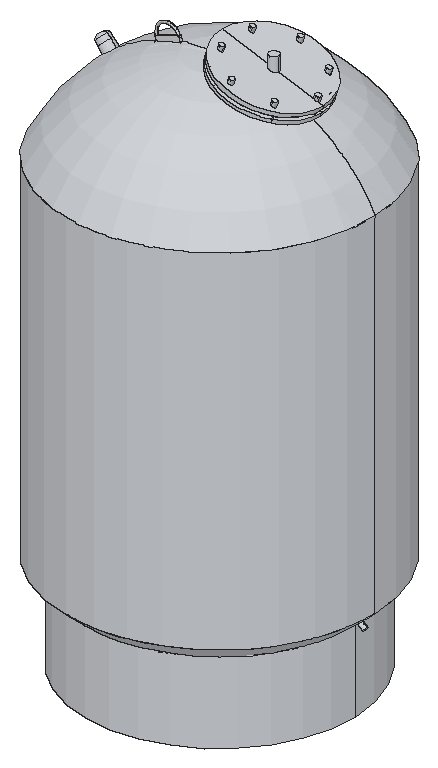
Revit family "NLA-2000", category Mechanical Equipment, Revit 2014
Parameters (values of type "NLA-2000")
  URL = "http://westank.com/"
  TankVolume = "422 Gallons"
  SystemConnectionAngle = 50.00°
  PartNumber = "22011600"
  OuterRadius = D / 2  # 21"
  Model = "NLA-1600"
  MaximumOperatingTemperature = "240°F"
  MaximumOperatingPressure = "125 PSIG"
  Manufacturer = "Wessels Company"
  InnerRadius = (D * 0.9844) / 2  # 20.6724"
  HandleAngle = 120.00°
  F = 3/4"
  DrainAngle = 63.00°
  D = 42"
  CylinderHeight = B * 0.90693  # 78.90291"
  C = 1 1/2"
  B = 87"
  ApproximateShipmentWeight = "1280 lbs"
  Angle = 35.00°
  A = 48"
Reference planes (in)
  plane 1 "Center (Front/Back)": y = 0
  plane 2: z = 0
  plane 3 "Center (Left/Right)": x = 0
  plane 4: x = -24
  plane 5: y = 1.9685
  plane 6: y = -1.9685
  plane 7: z = 87
  plane 8: x = 24
  plane 9: z = 62.8728
  plane 10: y = 0.15626
  plane 11: y = -0.15626
  plane 12: x = -24
  plane 13: x = 24
  plane 14: x = -21
  plane 15: x = 21
  plane 16: z = 84.15291
  plane 17: z = 21.21085
  plane 18: y = 0
  plane 19: y = 8.22887
  plane 20: y = -8.22887
  plane 21: through (21.29007, -180, 13.15633) normal (0.7071, 0, 0.7071)
  plane 22: through (21.8204, -180, 13.68666) normal (0.7071, 0, 0.7071)
  plane 23: through (21.55524, -180, 13.4215) normal (0.7071, 0, 0.7071)
  plane 24: through (21.55524, -180, 13.4215) normal (0.7071, 0, 0.7071)
  plane 25: x = 7.68107
  plane 26: x = 9.18107
Forms (in)
  Revolve 1, solid
    sketch origin (0, 0, -5.125) x (1, 0, 0) y (0, 0, 1)
      loop
        arc (0, 89.27791) -> (-14.01536, 85.69189) -> (-24, 75.22304) r 26.23926
        line (-24, 75.22304) -> (-24, 20.41457)
        arc (-24, 20.41457) -> (-12.93789, 13.37456) -> (0, 11.24311) r 32.71925
        line (0, 11.24311) -> (0, 89.27791)
      axis (0, 89.27791) -> (0, 11.24311)
    angle from 0 to 360
  Extrusion 2, solid
    sketch origin (0, 0, 0) x (1, 0, 0) y (0, 1, 0)
      loop
        circle (0, 0) r 21
      loop
        circle (0, 0) r 20.6724
    from 13.1059 to 0
  Revolve 3, solid
    sketch origin (-13.12212, 0, 74.2475) x (-0.643591, 0, 0.765369) y (-0.765369, 0, -0.643591)
      loop
        line (5.44847, -0.0719) -> (5.44847, -1.16029) -> (6.95487, -1.16029) -> (6.95487, -1.12732) -> (7.76301, -1.12732)
        arc (7.76301, -1.12732) -> (8.10825, -0.65594) -> (8.12516, -0.0719) r 0.9835
        line (8.12516, -0.0719) -> (5.44847, -0.0719)
      axis (5.44847, -0.0719) -> (8.12516, -0.0719)
    angle from 0 to 360
  Sweep 4, solid
    path origin (-6.19933, 0, 78.0446) x (-0.282217, 0, 0.959351) y (-0.959351, 0, -0.282217)
      loop
        arc (6.10198, 1.75) -> (7.85198, 0) -> (6.10198, -1.75) r 1.75
    profile origin (-8.41529, 0, 85.5774) x (-0.282217, 0, 0.959351) y (0, -1, 0)
      loop
        circle (0, 0) r 0.15625
  Extrusion 5, solid
    sketch origin (-4.82352, 0, 73.36777) x (-0.282217, 0, 0.959351) y (-0.959351, 0, -0.282217)
      loop
        line (10.97698, 1.90561) -> (10, 1.90561) -> (10, -1.9095) -> (10.97698, -1.9095) -> (10.97698, 1.90561)
    from 0.15626 to -0.15626
  Revolve 6, solid
    sketch origin (8.86208, 0, 26.06275) x (0.707107, 0, -0.707107) y (0.707107, 0, 0.707107)
      loop
        line (17.91414, 0.03671) -> (19.19446, 0.03671) -> (19.19446, 0.41171) -> (17.91414, 0.41171) -> (17.91414, 0.03671)
      axis (17.91414, 0.03671) -> (19.19446, 0.03671)
    angle from 0 to 360
  Sweep 7, solid
    path origin (-18.625, 0, 45.13356) x (-1, 0, 0) y (0, 0, -1)
      loop
        arc (6.10198, 1.75) -> (7.85198, 0) -> (6.10198, -1.75) r 1.75
    profile origin (-26.47698, 0, 45.13356) x (-1, 0, 0) y (0, -1, 0)
      loop
        circle (0, 0) r 0.15625
  Extrusion 8, solid
    sketch origin (-13.75, 0, 45.13356) x (-1, 0, 0) y (0, 0, -1)
      loop
        line (10.97698, 1.90561) -> (10, 1.90561) -> (10, -1.9095) -> (10.97698, -1.9095) -> (10.97698, 1.90561)
    from 0.15626 to -0.15626
  Revolve 9, solid
    sketch origin (-1.371, 0, 64.91853) x (0.309017, 0, 0.951057) y (-0.951057, 0, 0.309017)
      loop
        line (22.25649, -2.94548) -> (18.51633, -2.94548) -> (18.51633, -8.9369)
        arc (18.51633, -8.9369) -> (19.50951, -8.75308) -> (20.48483, -9.01566) r 2.28358
        line (20.48483, -9.01566) -> (20.48483, -11.1799) -> (21.07539, -11.1799) -> (21.07539, -10.56361) -> (21.66594, -10.56361) -> (21.66594, -11.1799) -> (22.25649, -11.1799) -> (22.25649, -2.94548)
      axis (18.51633, -2.94548) -> (22.25649, -2.94548)
    angle from 0 to 360
  Extrusion 10, solid
    sketch origin (8.57281, 0, 93.48349) x (1, 0, 0) y (0, 1, 0)
      loop
        circle (-0.14174, 0) r 0.75
    from -6.48349 to -8.83058
  Extrusion 11, solid
    sketch origin (11.6249, -10.13804, 84.06876) x (0.847863, -0.457098, -0.268682) y (0.435743, 0.889416, -0.138084)
      loop
        circle (-1.65206, 10.75183) r 0.3937
    from 0.59055 to -2.40615
  Extrusion 12, solid
    sketch origin (2.81455, -8.92579, 86.93142) x (0.182913, -0.98172, -0.052626) y (0.934709, 0.190247, -0.300208)
      loop
        circle (-1.65206, 10.75183) r 0.3937
    from 0.59055 to -2.40615
  Extrusion 13, solid
    sketch origin (-1.72337, -0.89336, 88.40588) x (-0.620272, -0.756211, 0.208344) y (0.720252, -0.654289, -0.230526)
      loop
        circle (-1.65206, 10.75183) r 0.3937
    from 0.59055 to -2.40615
  Extrusion 14, solid
    sketch origin (1.47855, 7.82168, 87.36551) x (-0.94798, 0.047116, 0.314823) y (-0.043762, -0.998885, 0.017717)
      loop
        circle (-1.65206, 10.75183) r 0.3937
    from 0.59055 to -2.40615
  Extrusion 15, solid
    sketch origin (9.97374, 10.5602, 84.60526) x (-0.549811, 0.814442, 0.18545) y (-0.773553, -0.580235, 0.25484)
      loop
        circle (-1.65206, 10.75183) r 0.3937
    from 0.59055 to -2.40615
  Extrusion 16, solid
    sketch origin (17.27104, 5.22969, 82.23422) x (0.269996, 0.959455, -0.080921) y (-0.911488, 0.281771, 0.299658)
      loop
        circle (-1.65206, 10.75183) r 0.3937
    from 0.59055 to -2.40615
  Extrusion 17, solid
    sketch origin (17.7946, -4.09681, 82.0641) x (0.885028, 0.371351, -0.280757) y (-0.352172, 0.928476, 0.117925)
      loop
        circle (-1.65206, 10.75183) r 0.3937
    from 0.59055 to -2.40615
Cuts and joins
  joined: Revolve 1, Extrusion 2, Revolve 3, Extrusion 5, Revolve 6, Extrusion 8, Revolve 9, Extrusion 10
Lines and regions (in)
  reference lines
    curve 1: line (0, 0, 62.8728) -> (-5.93885, 0, 67.03123)
    curve 2: line (0, 0, 62.8728) -> (-3.625, 0, 69.15148)
    curve 3: line (0, 0, 21.21085) -> (16.48362, 0, 12.81203)
Dimensions and locks (in)
  equal spacing: plane 5, plane 1 "Center (Front/Back)", plane 6
  "B": plane 7 to level
  equal spacing: plane 8, plane 3 "Center (Left/Right)", plane 4
  "A": plane 8 to plane 4
  equal spacing: plane 10, curve 2, plane 11
  equal spacing: plane 15, plane 3 "Center (Left/Right)", plane 14
  locked: Revolve 3 sketch curve to Revolve 3 sketch curve at 0.03297
  equal spacing: plane 19, plane 18, plane 20
  Revolve 6 sketch curve to Revolve 6 sketch curve = 3/8"
  locked: Revolve 9 sketch curve to Revolve 9 sketch curve at 0.59055  (x3)
  locked: Revolve 9 sketch curve to Revolve 9 sketch curve at 1.9685
  "F": plane 22 to plane 21
  "D": plane 15 to plane 14
  "C": plane 25 to plane 26
  "OuterRadius": radius of Extrusion 2 sketch curve
  "InnerRadius": radius of Extrusion 2 sketch curve
  diameter of Extrusion 10 sketch curve = 1 1/2"
  "Angle": angle curve 1 to plane 9
  "HandleAngle": angle plane 9 to curve 2
  "DrainAngle": angle plane 3 "Center (Left/Right)" to curve 3
  aligned and locked: level to plane 2
  aligned and locked: Extrusion 2 to level
  aligned and locked: plane 4 to Revolve 1 sketch curve
  aligned and locked: plane 3 "Center (Left/Right)" to curve 1
  aligned and locked: plane 9 to curve 1
  aligned and locked: Revolve 3 sketch curve to Revolve 3 sketch curve
  aligned and locked: plane 9 to curve 2
  aligned and locked: plane 3 "Center (Left/Right)" to curve 2
  aligned and locked: Extrusion 5 sketch curve to Sweep 4
  aligned and locked: Extrusion 5 to plane 11
  aligned and locked: plane 10 to Extrusion 5
  aligned and locked: plane 17 to curve 3
  aligned and locked: plane 3 "Center (Left/Right)" to curve 3
  aligned and locked: plane 16 to Revolve 1 sketch curve
  aligned and locked: Extrusion 8 sketch curve to Sweep 7
  aligned and locked: Revolve 9 sketch curve to Revolve 9 sketch curve
  aligned and locked: plane 7 to Extrusion 10
  aligned and locked: Revolve 6 sketch curve to plane 23
  aligned and locked: plane 25 to Extrusion 10
  aligned and locked: plane 26 to Extrusion 10
Automatic sketch dimensions
  Revolve 1 sketch curve to plane 3 "Center (Left/Right)" = 0"  (x2)
  level to Revolve 1 sketch curve = 15.28957"
  Revolve 1 sketch curve to plane 16 = 1.18638"
  curve 1 to Revolve 3 sketch curve = 15.59467"
  Revolve 3 sketch curve to Revolve 3 sketch curve = 1.5064"
  Revolve 3 sketch curve to Revolve 3 sketch curve = 0"
  Revolve 3 sketch curve to Revolve 3 sketch curve = 0.22312"
  Revolve 3 sketch curve to Revolve 3 sketch curve = 0.80814"
  Revolve 3 sketch curve to Revolve 3 sketch curve = 0.94717"
  Revolve 3 sketch curve to curve 1 = 0.30677"
  Revolve 3 sketch curve to Revolve 3 sketch curve = 0.79058"
  Revolve 3 sketch curve to Revolve 3 sketch curve = 5.44847"
  Revolve 3 sketch curve to Revolve 3 sketch curve = 0.07201"
  curve 2 to Sweep 4 sketch curve = 15.36011"
  Sweep 4 sketch curve to curve 2 = 0.04011"
  Sweep 4 sketch curve to Sweep 4 sketch curve = 1 3/4"
  Sweep 4 sketch curve to profile plane = 0"
  profile plane to Sweep 4 sketch curve = 0"
  Extrusion 5 sketch curve to Extrusion 5 sketch curve = 0.97698"
  Extrusion 5 sketch curve to curve 2 = 1.94961"
  Extrusion 5 sketch curve to Extrusion 5 sketch curve = 3.81511"
  curve 3 to Revolve 6 sketch curve = 3.15521"
  Revolve 6 sketch curve to Revolve 6 sketch curve = 1.28033"
  curve 2 to Sweep 7 sketch curve = 24.72698"
  curve 2 to Sweep 7 sketch curve = 17.73924"
  curve 2 to Sweep 7 sketch curve = 15.98924"
  Sweep 7 sketch curve to profile plane = 0"
  profile plane to Sweep 7 sketch curve = 0"
  Extrusion 8 sketch curve to Extrusion 8 sketch curve = 0.97698"
  curve 2 to Extrusion 8 sketch curve = 15.82974"
  Extrusion 8 sketch curve to Extrusion 8 sketch curve = 3.81511"
  Revolve 9 sketch curve to Revolve 9 sketch curve = 1.06661"
  Revolve 9 sketch curve to plane 16 = 3.20693"
  Revolve 9 sketch curve to Revolve 9 sketch curve = 0.14506"
  Revolve 9 sketch curve to Revolve 9 sketch curve = 0.61629"
  Revolve 9 sketch curve to Revolve 9 sketch curve = 1.54795"
  Revolve 9 sketch curve to Revolve 9 sketch curve = 6.07018"
  Revolve 9 sketch curve to Revolve 9 sketch curve = 0.00107"
  Revolve 9 sketch curve to Revolve 9 sketch curve = 0"
  plane 1 "Center (Front/Back)" to Extrusion 10 sketch curve = 0"
  level to Revolve 1 sketch curve = 6.11811"
  Revolve 1 sketch curve to Revolve 1 sketch curve = 0"
  plane 3 "Center (Left/Right)" to Extrusion 10 sketch curve = 8.43107"
  Revolve 1 sketch curve to plane 3 "Center (Left/Right)" = 1.25819"
  Revolve 1 sketch curve to plane 3 "Center (Left/Right)" = 0.75556"
  plane 3 "Center (Left/Right)" to Revolve 9 sketch curve = 7.15217"
  Revolve 9 sketch curve to Revolve 9 sketch curve = 8.25878"
  Revolve 1 sketch curve to plane 9 = 4.94827"
  Extrusion 2 sketch curve to Extrusion 2 sketch curve = 0"  (x2)
  plane 1 "Center (Front/Back)" to Extrusion 2 sketch curve = 0"
  Extrusion 2 sketch curve to plane 3 "Center (Left/Right)" = 0"
  radius of Extrusion 11 sketch curve = 0.3937"
  radius of Extrusion 12 sketch curve = 0.3937"
  radius of Extrusion 13 sketch curve = 0.3937"
  radius of Extrusion 14 sketch curve = 0.3937"
  radius of Extrusion 15 sketch curve = 0.3937"
  radius of Extrusion 16 sketch curve = 0.3937"
  radius of Extrusion 17 sketch curve = 0.3937"
  radius of Sweep 4 sketch curve = 5/32"
  radius of Sweep 7 sketch curve = 5/32"
Connectors (in)
  piping at (22.46057, 0, 12.51617), diameter 0.75, driven by "F"
    settings: on Revolve 6, index 2, connector inside diameter 24", connector length 0", flow factor 0, pipe flow 0 GPM, pressure drop 0.00 psi, fitting loss kfactor 0, connector angle 0.00°, fixture units 0, engagement length 0", angle of deflection 0.00°, flow configuration 0, flow direction 0, fitting loss method 0, system type 7, joint type 0, gender type 0, connector reference index -1, connector utility 0, adjustable connector no, is connector primary yes, connector description ""
  piping at (8.43107, 0, 87), diameter 1.5, driven by "C"
    settings: on Extrusion 10, index 3, connector inside diameter 24", connector length 0", flow factor 0, pipe flow 0 GPM, pressure drop 0.00 psi, fitting loss kfactor 0, connector angle 0.00°, fixture units 0, engagement length 0", angle of deflection 0.00°, flow configuration 0, flow direction 0, fitting loss method 0, system type 7, joint type 0, gender type 0, connector reference index -1, connector utility 0, adjustable connector no, is connector primary no, connector description ""
